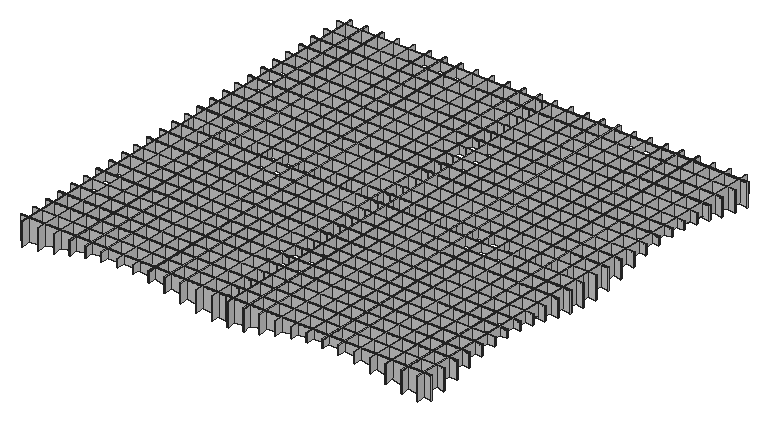
Revit family "CLD-WFL-002_RFA", category Modelos genéricos, Revit 2022 (continued)
Forms (in)
  Extrusion 383, solid
    sketch origin (108, 145.14578, 0) x (1, 0, 0) y (0, 0, 1)
      loop
        spline (0, 6.40455) -> (0.32561, 6.42139) -> (0.65129, 6.43729) -> (0.97702, 6.45226) -> (1.3028, 6.46628) -> (1.62862, 6.47935) -> (1.95447, 6.49146) -> (2.28035, 6.50259) -> (2.60624, 6.51274) -> (2.93213, 6.52189) -> (3.25803, 6.53005) -> (3.58391, 6.5372) -> (3.90978, 6.54334)
        spline (3.90978, 6.54334) -> (4.64427, 6.55011) -> (5.37852, 6.55208) -> (6.11244, 6.54917) -> (6.84598, 6.5413) -> (7.57905, 6.52839) -> (8.31157, 6.51035) -> (9.04349, 6.4871) -> (9.77471, 6.45856) -> (10.50517, 6.42465) -> (11.23479, 6.38528) -> (11.9635, 6.34038) -> (12.69122, 6.28985)
        spline (12.69122, 6.28985) -> (13.34952, 6.23514) -> (14.00673, 6.17505) -> (14.66285, 6.10968) -> (15.31792, 6.03926) -> (15.97202, 5.96405) -> (16.62518, 5.88427) -> (17.27747, 5.80017) -> (17.92894, 5.712) -> (18.57965, 5.62) -> (19.22966, 5.52441) -> (19.87902, 5.42547) -> (20.52778, 5.32343)
        spline (20.52778, 5.32343) -> (21.26115, 5.20293) -> (21.99402, 5.07965) -> (22.72645, 4.95385) -> (23.4585, 4.82583) -> (24.19025, 4.69586) -> (24.92176, 4.56423) -> (25.65308, 4.43121) -> (26.38429, 4.29709) -> (27.11544, 4.16214) -> (27.84661, 4.02665) -> (28.57785, 3.8909) -> (29.30922, 3.75516)
        spline (29.30922, 3.75516) -> (29.95995, 3.63466) -> (30.61094, 3.51485) -> (31.26223, 3.39599) -> (31.91387, 3.2783) -> (32.56591, 3.16206) -> (33.21841, 3.04749) -> (33.87141, 2.93486) -> (34.52497, 2.8244) -> (35.17914, 2.71637) -> (35.83396, 2.61101) -> (36.48949, 2.50857) -> (37.14578, 2.4093)
        spline (37.14578, 2.4093) -> (37.87194, 2.30632) -> (38.59907, 2.20751) -> (39.32723, 2.11315) -> (40.05647, 2.02349) -> (40.78684, 1.93878) -> (41.51831, 1.85902) -> (42.25083, 1.78415) -> (42.98434, 1.71406) -> (43.71879, 1.64869) -> (44.45413, 1.58794) -> (45.19029, 1.53174) -> (45.92722, 1.47999)
        spline (45.92722, 1.47999) -> (46.57816, 1.44092) -> (47.22964, 1.40553) -> (47.88162, 1.37376) -> (48.53404, 1.34552) -> (49.18687, 1.32076) -> (49.84004, 1.2994) -> (50.49352, 1.28136) -> (51.14725, 1.26658) -> (51.80119, 1.25497) -> (52.45529, 1.24648) -> (53.1095, 1.24101) -> (53.76378, 1.23852)
        spline (53.76378, 1.23852) -> (54.49695, 1.24145) -> (55.23005, 1.2477) -> (55.96302, 1.25736) -> (56.69581, 1.2705) -> (57.42836, 1.2872) -> (58.16063, 1.30755) -> (58.89256, 1.33163) -> (59.62409, 1.35951) -> (60.35518, 1.39128) -> (61.08577, 1.42702) -> (61.8158, 1.46681) -> (62.54522, 1.51073)
        spline (62.54522, 1.51073) -> (63.20286, 1.5569) -> (63.85981, 1.60706) -> (64.51602, 1.66127) -> (65.17144, 1.7196) -> (65.82603, 1.78214) -> (66.47973, 1.84896) -> (67.1325, 1.92013) -> (67.78428, 1.99572) -> (68.43505, 2.07573) -> (69.08486, 2.15994) -> (69.73376, 2.24811) -> (70.38178, 2.34001)
        spline (70.38178, 2.34001) -> (71.11719, 2.45082) -> (71.85175, 2.56518) -> (72.58552, 2.6828) -> (73.31856, 2.80343) -> (74.05092, 2.92677) -> (74.78266, 3.05256) -> (75.51384, 3.1805) -> (76.2445, 3.31033) -> (76.97472, 3.44177) -> (77.70454, 3.57454) -> (78.43402, 3.70836) -> (79.16322, 3.84296)
        spline (79.16322, 3.84296) -> (79.81589, 3.96449) -> (80.46845, 4.08604) -> (81.12094, 4.20735) -> (81.77342, 4.32817) -> (82.42595, 4.44826) -> (83.07858, 4.56736) -> (83.73137, 4.68523) -> (84.38439, 4.80161) -> (85.03768, 4.91625) -> (85.6913, 5.02891) -> (86.34531, 5.13933) -> (86.99978, 5.24726)
        spline (86.99978, 5.24726) -> (87.72678, 5.36123) -> (88.45444, 5.47173) -> (89.18283, 5.57848) -> (89.91201, 5.68121) -> (90.64203, 5.77964) -> (91.37298, 5.87351) -> (92.10489, 5.96254) -> (92.83785, 6.04646) -> (93.5719, 6.125) -> (94.30712, 6.19789) -> (95.04356, 6.26486) -> (95.78122, 6.32579)
        spline (95.78122, 6.32579) -> (96.46987, 6.37175) -> (97.15943, 6.41238) -> (97.84985, 6.44778) -> (98.54104, 6.47801) -> (99.23294, 6.50316) -> (99.92548, 6.5233) -> (100.61859, 6.53851) -> (101.3122, 6.54886) -> (102.00624, 6.55445) -> (102.70063, 6.55534) -> (103.39532, 6.55161) -> (104.09022, 6.54334)
        spline (104.09022, 6.54334) -> (104.41609, 6.5372) -> (104.74197, 6.53005) -> (105.06787, 6.52189) -> (105.39376, 6.51274) -> (105.71965, 6.50259) -> (106.04553, 6.49146) -> (106.37138, 6.47935) -> (106.6972, 6.46628) -> (107.02298, 6.45226) -> (107.34871, 6.43729) -> (107.67439, 6.42139) -> (108, 6.40455)
        line (108, 6.40455) -> (108, 11.82144)
    from -0.47244 to 0
  Extrusion 384, solid
    sketch origin (108, 153.33667, 0) x (1, 0, 0) y (0, 0, 1)
      loop
        line (108, 11.82144) -> (0, 11.82144) -> (0, 7.49745)
        spline (0, 7.49745) -> (0.32561, 7.50061) -> (0.65129, 7.5028) -> (0.97702, 7.504) -> (1.3028, 7.50421) -> (1.62862, 7.5034) -> (1.95447, 7.50158) -> (2.28035, 7.49874) -> (2.60624, 7.49485) -> (2.93213, 7.48991) -> (3.25803, 7.48392) -> (3.58391, 7.47685) -> (3.90978, 7.46871)
        spline (3.90978, 7.46871) -> (4.64427, 7.44283) -> (5.37852, 7.41184) -> (6.11245, 7.37564) -> (6.84598, 7.33415) -> (7.57905, 7.28726) -> (8.31158, 7.23488) -> (9.04349, 7.17692) -> (9.77471, 7.11327) -> (10.50517, 7.04386) -> (11.23479, 6.96857) -> (11.9635, 6.88732) -> (12.69122, 6.80001)
        spline (12.69122, 6.80001) -> (13.34456, 6.71191) -> (13.99682, 6.61804) -> (14.64799, 6.5185) -> (15.29813, 6.41358) -> (15.94729, 6.30354) -> (16.59553, 6.18867) -> (17.2429, 6.06925) -> (17.88946, 5.94556) -> (18.53527, 5.81787) -> (19.18038, 5.68647) -> (19.82484, 5.55162) -> (20.46871, 5.41362)
        spline (20.46871, 5.41362) -> (21.20701, 5.25043) -> (21.94481, 5.08446) -> (22.68216, 4.91603) -> (23.41914, 4.74548) -> (24.15581, 4.57314) -> (24.89224, 4.39932) -> (25.62848, 4.22436) -> (26.36461, 4.04857) -> (27.10068, 3.8723) -> (27.83677, 3.69586) -> (28.57293, 3.51959) -> (29.30922, 3.3438)
        spline (29.30922, 3.3438) -> (29.95995, 3.18922) -> (30.61094, 3.03586) -> (31.26223, 2.884) -> (31.91387, 2.73392) -> (32.56591, 2.58591) -> (33.21841, 2.44027) -> (33.87141, 2.29726) -> (34.52497, 2.15719) -> (35.17914, 2.02034) -> (35.83396, 1.88699) -> (36.48949, 1.75744) -> (37.14578, 1.63196)
        spline (37.14578, 1.63196) -> (37.87194, 1.50186) -> (38.59907, 1.37703) -> (39.32723, 1.25779) -> (40.05647, 1.14445) -> (40.78684, 1.03728) -> (41.51831, 0.93629) -> (42.25083, 0.84139) -> (42.98434, 0.75249) -> (43.71879, 0.66948) -> (44.45413, 0.59228) -> (45.19029, 0.52078) -> (45.92722, 0.45488)
        spline (45.92722, 0.45488) -> (46.57816, 0.40504) -> (47.22964, 0.35985) -> (47.88162, 0.31924) -> (48.53404, 0.28312) -> (49.18687, 0.2514) -> (49.84004, 0.224) -> (50.49352, 0.20084) -> (51.14725, 0.18183) -> (51.80119, 0.1669) -> (52.45529, 0.15595) -> (53.1095, 0.14891) -> (53.76378, 0.14568)
        spline (53.76378, 0.14568) -> (54.49695, 0.14945) -> (55.23005, 0.1575) -> (55.96302, 0.16993) -> (56.69581, 0.18682) -> (57.42837, 0.20828) -> (58.16064, 0.23439) -> (58.89257, 0.26525) -> (59.6241, 0.30095) -> (60.35518, 0.34158) -> (61.08577, 0.38725) -> (61.8158, 0.43804) -> (62.54522, 0.49405)
        spline (62.54522, 0.49405) -> (63.20286, 0.55285) -> (63.85981, 0.61666) -> (64.51602, 0.68555) -> (65.17144, 0.75961) -> (65.82603, 0.83894) -> (66.47973, 0.92362) -> (67.1325, 1.01374) -> (67.78428, 1.10938) -> (68.43505, 1.21052) -> (69.08486, 1.31692) -> (69.73376, 1.42831) -> (70.38178, 1.54441)
        spline (70.38178, 1.54441) -> (71.11719, 1.68452) -> (71.85174, 1.82919) -> (72.58551, 1.97812) -> (73.31855, 2.13097) -> (74.05091, 2.28743) -> (74.78265, 2.44718) -> (75.51383, 2.60988) -> (76.24449, 2.77524) -> (76.97471, 2.94291) -> (77.70453, 3.11258) -> (78.43402, 3.28394) -> (79.16322, 3.45665)
        spline (79.16322, 3.45665) -> (79.81589, 3.61318) -> (80.46845, 3.77015) -> (81.12094, 3.92726) -> (81.77342, 4.08422) -> (82.42595, 4.24075) -> (83.07858, 4.39655) -> (83.73137, 4.55134) -> (84.38439, 4.70482) -> (85.03768, 4.85671) -> (85.6913, 5.00672) -> (86.34531, 5.15455) -> (86.99978, 5.29992)
        spline (86.99978, 5.29992) -> (87.72678, 5.4553) -> (88.45445, 5.60712) -> (89.18284, 5.75506) -> (89.91202, 5.8988) -> (90.64204, 6.03803) -> (91.37299, 6.17243) -> (92.1049, 6.3017) -> (92.83786, 6.42551) -> (93.57191, 6.54354) -> (94.30712, 6.6555) -> (95.04356, 6.76106) -> (95.78122, 6.8601)
        spline (95.78122, 6.8601) -> (96.43065, 6.93786) -> (97.08095, 7.01021) -> (97.73207, 7.07724) -> (98.38393, 7.13903) -> (99.03648, 7.19567) -> (99.68963, 7.24723) -> (100.34334, 7.29382) -> (100.99753, 7.33551) -> (101.65213, 7.37238) -> (102.30709, 7.40452) -> (102.96233, 7.43202) -> (103.61778, 7.45496)
        spline (103.61778, 7.45496) -> (103.98301, 7.46494) -> (104.34826, 7.47372) -> (104.71353, 7.4813) -> (105.0788, 7.48768) -> (105.44406, 7.4929) -> (105.80931, 7.49695) -> (106.17454, 7.49984) -> (106.53973, 7.5016) -> (106.90488, 7.50223) -> (107.26998, 7.50173) -> (107.63503, 7.50014) -> (108, 7.49745)
        line (108, 7.49745) -> (108, 11.82144)
    from -0.11811 to 0
  Extrusion 385, solid
    sketch origin (108, 153.45478, 0) x (1, 0, 0) y (0, 0, 1)
      loop
        line (108, 11.82144) -> (0, 11.82144) -> (0, 7.49745)
        spline (0, 7.49745) -> (0.32561, 7.50061) -> (0.65129, 7.5028) -> (0.97702, 7.504) -> (1.3028, 7.50421) -> (1.62862, 7.5034) -> (1.95447, 7.50158) -> (2.28035, 7.49874) -> (2.60624, 7.49485) -> (2.93213, 7.48991) -> (3.25803, 7.48392) -> (3.58391, 7.47685) -> (3.90978, 7.46871)
        spline (3.90978, 7.46871) -> (4.64427, 7.44283) -> (5.37852, 7.41184) -> (6.11245, 7.37564) -> (6.84598, 7.33415) -> (7.57905, 7.28726) -> (8.31158, 7.23488) -> (9.04349, 7.17692) -> (9.77471, 7.11327) -> (10.50517, 7.04386) -> (11.23479, 6.96857) -> (11.9635, 6.88732) -> (12.69122, 6.80001)
        spline (12.69122, 6.80001) -> (13.34456, 6.71191) -> (13.99682, 6.61804) -> (14.64799, 6.5185) -> (15.29813, 6.41358) -> (15.94729, 6.30354) -> (16.59553, 6.18867) -> (17.2429, 6.06925) -> (17.88946, 5.94556) -> (18.53527, 5.81787) -> (19.18038, 5.68647) -> (19.82484, 5.55162) -> (20.46871, 5.41362)
        spline (20.46871, 5.41362) -> (21.20701, 5.25043) -> (21.94481, 5.08446) -> (22.68216, 4.91603) -> (23.41914, 4.74548) -> (24.15581, 4.57314) -> (24.89224, 4.39932) -> (25.62848, 4.22436) -> (26.36461, 4.04857) -> (27.10068, 3.8723) -> (27.83677, 3.69586) -> (28.57293, 3.51959) -> (29.30922, 3.3438)
        spline (29.30922, 3.3438) -> (29.95995, 3.18922) -> (30.61094, 3.03586) -> (31.26223, 2.884) -> (31.91387, 2.73392) -> (32.56591, 2.58591) -> (33.21841, 2.44027) -> (33.87141, 2.29726) -> (34.52497, 2.15719) -> (35.17914, 2.02034) -> (35.83396, 1.88699) -> (36.48949, 1.75744) -> (37.14578, 1.63196)
        spline (37.14578, 1.63196) -> (37.87194, 1.50186) -> (38.59907, 1.37703) -> (39.32723, 1.25779) -> (40.05647, 1.14445) -> (40.78684, 1.03728) -> (41.51831, 0.93629) -> (42.25083, 0.84139) -> (42.98434, 0.75249) -> (43.71879, 0.66948) -> (44.45413, 0.59228) -> (45.19029, 0.52078) -> (45.92722, 0.45488)
        spline (45.92722, 0.45488) -> (46.57816, 0.40504) -> (47.22964, 0.35985) -> (47.88162, 0.31924) -> (48.53404, 0.28312) -> (49.18687, 0.2514) -> (49.84004, 0.224) -> (50.49352, 0.20084) -> (51.14725, 0.18183) -> (51.80119, 0.1669) -> (52.45529, 0.15595) -> (53.1095, 0.14891) -> (53.76378, 0.14568)
        spline (53.76378, 0.14568) -> (54.49695, 0.14945) -> (55.23005, 0.1575) -> (55.96302, 0.16993) -> (56.69581, 0.18682) -> (57.42837, 0.20828) -> (58.16064, 0.23439) -> (58.89257, 0.26525) -> (59.6241, 0.30095) -> (60.35518, 0.34158) -> (61.08577, 0.38725) -> (61.8158, 0.43804) -> (62.54522, 0.49405)
        spline (62.54522, 0.49405) -> (63.20286, 0.55285) -> (63.85981, 0.61666) -> (64.51602, 0.68555) -> (65.17144, 0.75961) -> (65.82603, 0.83894) -> (66.47973, 0.92362) -> (67.1325, 1.01374) -> (67.78428, 1.10938) -> (68.43505, 1.21052) -> (69.08486, 1.31692) -> (69.73376, 1.42831) -> (70.38178, 1.54441)
        spline (70.38178, 1.54441) -> (71.11719, 1.68452) -> (71.85174, 1.82919) -> (72.58551, 1.97812) -> (73.31855, 2.13097) -> (74.05091, 2.28743) -> (74.78265, 2.44718) -> (75.51383, 2.60988) -> (76.24449, 2.77524) -> (76.97471, 2.94291) -> (77.70453, 3.11258) -> (78.43402, 3.28394) -> (79.16322, 3.45665)
        spline (79.16322, 3.45665) -> (79.81589, 3.61318) -> (80.46845, 3.77015) -> (81.12094, 3.92726) -> (81.77342, 4.08422) -> (82.42595, 4.24075) -> (83.07858, 4.39655) -> (83.73137, 4.55134) -> (84.38439, 4.70482) -> (85.03768, 4.85671) -> (85.6913, 5.00672) -> (86.34531, 5.15455) -> (86.99978, 5.29992)
        spline (86.99978, 5.29992) -> (87.72678, 5.4553) -> (88.45445, 5.60712) -> (89.18284, 5.75506) -> (89.91202, 5.8988) -> (90.64204, 6.03803) -> (91.37299, 6.17243) -> (92.1049, 6.3017) -> (92.83786, 6.42551) -> (93.57191, 6.54354) -> (94.30712, 6.6555) -> (95.04356, 6.76106) -> (95.78122, 6.8601)
        spline (95.78122, 6.8601) -> (96.43065, 6.93786) -> (97.08095, 7.01021) -> (97.73207, 7.07724) -> (98.38393, 7.13903) -> (99.03648, 7.19567) -> (99.68963, 7.24723) -> (100.34334, 7.29382) -> (100.99753, 7.33551) -> (101.65213, 7.37238) -> (102.30709, 7.40452) -> (102.96233, 7.43202) -> (103.61778, 7.45496)
        spline (103.61778, 7.45496) -> (103.98301, 7.46494) -> (104.34826, 7.47372) -> (104.71353, 7.4813) -> (105.0788, 7.48768) -> (105.44406, 7.4929) -> (105.80931, 7.49695) -> (106.17454, 7.49984) -> (106.53973, 7.5016) -> (106.90488, 7.50223) -> (107.26998, 7.50173) -> (107.63503, 7.50014) -> (108, 7.49745)
        line (108, 7.49745) -> (108, 11.82144)
    from -0.47244 to 0
  Extrusion 386, solid
    sketch origin (108, 161.64567, 0) x (1, 0, 0) y (0, 0, 1)
      loop
        line (108, 11.82144) -> (0, 11.82144) -> (0, 7.82144)
        spline (0, 7.82144) -> (0.32561, 7.82095) -> (0.65129, 7.81946) -> (0.97702, 7.81696) -> (1.3028, 7.81344) -> (1.62862, 7.80889) -> (1.95447, 7.8033) -> (2.28035, 7.79666) -> (2.60624, 7.78896) -> (2.93213, 7.78018) -> (3.25803, 7.77032) -> (3.58391, 7.75937) -> (3.90978, 7.74731)
        spline (3.90978, 7.74731) -> (4.64427, 7.71242) -> (5.37852, 7.6723) -> (6.11245, 7.62684) -> (6.84598, 7.57595) -> (7.57905, 7.51952) -> (8.31158, 7.45747) -> (9.04349, 7.38968) -> (9.77471, 7.31607) -> (10.50517, 7.23653) -> (11.23479, 7.15095) -> (11.9635, 7.05926) -> (12.69122, 6.96133)
        spline (12.69122, 6.96133) -> (13.34952, 6.86267) -> (14.00673, 6.75803) -> (14.66285, 6.64752) -> (15.31792, 6.53144) -> (15.97202, 6.41007) -> (16.62518, 6.28371) -> (17.27747, 6.15266) -> (17.92894, 6.0172) -> (18.57965, 5.87763) -> (19.22966, 5.73424) -> (19.87902, 5.58733) -> (20.52778, 5.43719)
        spline (20.52778, 5.43719) -> (21.26115, 5.26223) -> (21.99402, 5.08449) -> (22.72645, 4.90432) -> (23.4585, 4.72204) -> (24.19025, 4.53802) -> (24.92176, 4.35257) -> (25.65308, 4.16604) -> (26.38429, 3.97878) -> (27.11545, 3.79111) -> (27.84661, 3.60337) -> (28.57785, 3.41592) -> (29.30922, 3.22908)
        spline (29.30922, 3.22908) -> (29.95995, 3.06408) -> (30.61094, 2.90045) -> (31.26223, 2.73848) -> (31.91387, 2.57847) -> (32.56591, 2.42072) -> (33.21841, 2.26553) -> (33.87141, 2.1132) -> (34.52497, 1.96402) -> (35.17914, 1.81831) -> (35.83396, 1.67635) -> (36.48949, 1.53845) -> (37.14578, 1.4049)
        spline (37.14578, 1.4049) -> (37.87194, 1.26645) -> (38.59907, 1.13361) -> (39.32723, 1.00672) -> (40.05647, 0.88609) -> (40.78684, 0.772) -> (41.51831, 0.66448) -> (42.25083, 0.56343) -> (42.98434, 0.46874) -> (43.71879, 0.38032) -> (44.45413, 0.29806) -> (45.19029, 0.22187) -> (45.92722, 0.15163)
        spline (45.92722, 0.15163) -> (46.57816, 0.09849) -> (47.22964, 0.0503) -> (47.88162, 0.00698) -> (48.53404, -0.03156) -> (49.18687, -0.06541) -> (49.84004, -0.09465) -> (50.49352, -0.11938) -> (51.14725, -0.13967) -> (51.80119, -0.15563) -> (52.45529, -0.16732) -> (53.1095, -0.17485) -> (53.76378, -0.1783)
        spline (53.76378, -0.1783) -> (54.49695, -0.17427) -> (55.23005, -0.16567) -> (55.96302, -0.1524) -> (56.69581, -0.13436) -> (57.42837, -0.11145) -> (58.16064, -0.08358) -> (58.89257, -0.05065) -> (59.6241, -0.01255) -> (60.35519, 0.0308) -> (61.08577, 0.07951) -> (61.8158, 0.13367) -> (62.54522, 0.19339)
        spline (62.54522, 0.19339) -> (63.20286, 0.25606) -> (63.85981, 0.32405) -> (64.51602, 0.39745) -> (65.17144, 0.47635) -> (65.82603, 0.56084) -> (66.47973, 0.65101) -> (67.1325, 0.74696) -> (67.78428, 0.84876) -> (68.43505, 0.95641) -> (69.08486, 1.06964) -> (69.73376, 1.18818) -> (70.38178, 1.31173)
        spline (70.38178, 1.31173) -> (71.11718, 1.46086) -> (71.85174, 1.61486) -> (72.58551, 1.77342) -> (73.31855, 1.93618) -> (74.05091, 2.10281) -> (74.78265, 2.27299) -> (75.51382, 2.44637) -> (76.24449, 2.62262) -> (76.97471, 2.8014) -> (77.70453, 2.98238) -> (78.43402, 3.16522) -> (79.16322, 3.34958)
        spline (79.16322, 3.34958) -> (79.81589, 3.5168) -> (80.46845, 3.68457) -> (81.12094, 3.85259) -> (81.77342, 4.02055) -> (82.42595, 4.18815) -> (83.07858, 4.35509) -> (83.73137, 4.52107) -> (84.38439, 4.68578) -> (85.03768, 4.84892) -> (85.6913, 5.01019) -> (86.34531, 5.16929) -> (86.99978, 5.32592)
        spline (86.99978, 5.32592) -> (87.72678, 5.49371) -> (88.45445, 5.65788) -> (89.18284, 5.8181) -> (89.91202, 5.97405) -> (90.64205, 6.12539) -> (91.37299, 6.27179) -> (92.10491, 6.41294) -> (92.83786, 6.54849) -> (93.57191, 6.67812) -> (94.30713, 6.8015) -> (95.04356, 6.9183) -> (95.78122, 7.02841)
        spline (95.78122, 7.02841) -> (96.43065, 7.11563) -> (97.08095, 7.1973) -> (97.73207, 7.2735) -> (98.38393, 7.34432) -> (99.03648, 7.40985) -> (99.68963, 7.47018) -> (100.34334, 7.52539) -> (100.99753, 7.57558) -> (101.65213, 7.62083) -> (102.30709, 7.66123) -> (102.96233, 7.69687) -> (103.61778, 7.72784)
        spline (103.61778, 7.72784) -> (103.98301, 7.74223) -> (104.34826, 7.75539) -> (104.71352, 7.76731) -> (105.07879, 7.77803) -> (105.44406, 7.78753) -> (105.80931, 7.79585) -> (106.17453, 7.80299) -> (106.53973, 7.80897) -> (106.90488, 7.81379) -> (107.26998, 7.81746) -> (107.63503, 7.82001) -> (108, 7.82144)
        line (108, 7.82144) -> (108, 11.82144)
    from -0.11811 to 0
  Extrusion 387, solid
    sketch origin (108, 161.76378, 0) x (1, 0, 0) y (0, 0, 1)
      loop
        line (108, 11.82144) -> (0, 11.82144) -> (0, 7.82144)
        spline (0, 7.82144) -> (0.32561, 7.82095) -> (0.65129, 7.81946) -> (0.97702, 7.81696) -> (1.3028, 7.81344) -> (1.62862, 7.80889) -> (1.95447, 7.8033) -> (2.28035, 7.79666) -> (2.60624, 7.78896) -> (2.93213, 7.78018) -> (3.25803, 7.77032) -> (3.58391, 7.75937) -> (3.90978, 7.74731)
        spline (3.90978, 7.74731) -> (4.64427, 7.71242) -> (5.37852, 7.6723) -> (6.11245, 7.62684) -> (6.84598, 7.57595) -> (7.57905, 7.51952) -> (8.31158, 7.45747) -> (9.04349, 7.38968) -> (9.77471, 7.31607) -> (10.50517, 7.23653) -> (11.23479, 7.15095) -> (11.9635, 7.05926) -> (12.69122, 6.96133)
        spline (12.69122, 6.96133) -> (13.34952, 6.86267) -> (14.00673, 6.75803) -> (14.66285, 6.64752) -> (15.31792, 6.53144) -> (15.97202, 6.41007) -> (16.62518, 6.28371) -> (17.27747, 6.15266) -> (17.92894, 6.0172) -> (18.57965, 5.87763) -> (19.22966, 5.73424) -> (19.87902, 5.58733) -> (20.52778, 5.43719)
        spline (20.52778, 5.43719) -> (21.26115, 5.26223) -> (21.99402, 5.08449) -> (22.72645, 4.90432) -> (23.4585, 4.72204) -> (24.19025, 4.53802) -> (24.92176, 4.35257) -> (25.65308, 4.16604) -> (26.38429, 3.97878) -> (27.11545, 3.79111) -> (27.84661, 3.60337) -> (28.57785, 3.41592) -> (29.30922, 3.22908)
        spline (29.30922, 3.22908) -> (29.95995, 3.06408) -> (30.61094, 2.90045) -> (31.26223, 2.73848) -> (31.91387, 2.57847) -> (32.56591, 2.42072) -> (33.21841, 2.26553) -> (33.87141, 2.1132) -> (34.52497, 1.96402) -> (35.17914, 1.81831) -> (35.83396, 1.67635) -> (36.48949, 1.53845) -> (37.14578, 1.4049)
        spline (37.14578, 1.4049) -> (37.87194, 1.26645) -> (38.59907, 1.13361) -> (39.32723, 1.00672) -> (40.05647, 0.88609) -> (40.78684, 0.772) -> (41.51831, 0.66448) -> (42.25083, 0.56343) -> (42.98434, 0.46874) -> (43.71879, 0.38032) -> (44.45413, 0.29806) -> (45.19029, 0.22187) -> (45.92722, 0.15163)
        spline (45.92722, 0.15163) -> (46.57816, 0.09849) -> (47.22964, 0.0503) -> (47.88162, 0.00698) -> (48.53404, -0.03156) -> (49.18687, -0.06541) -> (49.84004, -0.09465) -> (50.49352, -0.11938) -> (51.14725, -0.13967) -> (51.80119, -0.15563) -> (52.45529, -0.16732) -> (53.1095, -0.17485) -> (53.76378, -0.1783)
        spline (53.76378, -0.1783) -> (54.49695, -0.17427) -> (55.23005, -0.16567) -> (55.96302, -0.1524) -> (56.69581, -0.13436) -> (57.42837, -0.11145) -> (58.16064, -0.08358) -> (58.89257, -0.05065) -> (59.6241, -0.01255) -> (60.35519, 0.0308) -> (61.08577, 0.07951) -> (61.8158, 0.13367) -> (62.54522, 0.19339)
        spline (62.54522, 0.19339) -> (63.20286, 0.25606) -> (63.85981, 0.32405) -> (64.51602, 0.39745) -> (65.17144, 0.47635) -> (65.82603, 0.56084) -> (66.47973, 0.65101) -> (67.1325, 0.74696) -> (67.78428, 0.84876) -> (68.43505, 0.95641) -> (69.08486, 1.06964) -> (69.73376, 1.18818) -> (70.38178, 1.31173)
        spline (70.38178, 1.31173) -> (71.11718, 1.46086) -> (71.85174, 1.61486) -> (72.58551, 1.77342) -> (73.31855, 1.93618) -> (74.05091, 2.10281) -> (74.78265, 2.27299) -> (75.51382, 2.44637) -> (76.24449, 2.62262) -> (76.97471, 2.8014) -> (77.70453, 2.98238) -> (78.43402, 3.16522) -> (79.16322, 3.34958)
        spline (79.16322, 3.34958) -> (79.81589, 3.5168) -> (80.46845, 3.68457) -> (81.12094, 3.85259) -> (81.77342, 4.02055) -> (82.42595, 4.18815) -> (83.07858, 4.35509) -> (83.73137, 4.52107) -> (84.38439, 4.68578) -> (85.03768, 4.84892) -> (85.6913, 5.01019) -> (86.34531, 5.16929) -> (86.99978, 5.32592)
        spline (86.99978, 5.32592) -> (87.72678, 5.49371) -> (88.45445, 5.65788) -> (89.18284, 5.8181) -> (89.91202, 5.97405) -> (90.64205, 6.12539) -> (91.37299, 6.27179) -> (92.10491, 6.41294) -> (92.83786, 6.54849) -> (93.57191, 6.67812) -> (94.30713, 6.8015) -> (95.04356, 6.9183) -> (95.78122, 7.02841)
        spline (95.78122, 7.02841) -> (96.43065, 7.11563) -> (97.08095, 7.1973) -> (97.73207, 7.2735) -> (98.38393, 7.34432) -> (99.03648, 7.40985) -> (99.68963, 7.47018) -> (100.34334, 7.52539) -> (100.99753, 7.57558) -> (101.65213, 7.62083) -> (102.30709, 7.66123) -> (102.96233, 7.69687) -> (103.61778, 7.72784)
        spline (103.61778, 7.72784) -> (103.98301, 7.74223) -> (104.34826, 7.75539) -> (104.71352, 7.76731) -> (105.07879, 7.77803) -> (105.44406, 7.78753) -> (105.80931, 7.79585) -> (106.17453, 7.80299) -> (106.53973, 7.80897) -> (106.90488, 7.81379) -> (107.26998, 7.81746) -> (107.63503, 7.82001) -> (108, 7.82144)
        line (108, 7.82144) -> (108, 11.82144)
    from -0.47244 to 0
  Extrusion 388, solid
    sketch origin (108, 162.23622, 0) x (1, 0, 0) y (0, 0, 1)
      loop
        line (108, 11.82144) -> (0, 11.82144) -> (0, 7.82144)
        spline (0, 7.82144) -> (0.32561, 7.82095) -> (0.65129, 7.81946) -> (0.97702, 7.81696) -> (1.3028, 7.81344) -> (1.62862, 7.80889) -> (1.95447, 7.8033) -> (2.28035, 7.79666) -> (2.60624, 7.78896) -> (2.93213, 7.78018) -> (3.25803, 7.77032) -> (3.58391, 7.75937) -> (3.90978, 7.74731)
        spline (3.90978, 7.74731) -> (4.64427, 7.71242) -> (5.37852, 7.6723) -> (6.11245, 7.62684) -> (6.84598, 7.57595) -> (7.57905, 7.51952) -> (8.31158, 7.45747) -> (9.04349, 7.38968) -> (9.77471, 7.31607) -> (10.50517, 7.23653) -> (11.23479, 7.15095) -> (11.9635, 7.05926) -> (12.69122, 6.96133)
        spline (12.69122, 6.96133) -> (13.34952, 6.86267) -> (14.00673, 6.75803) -> (14.66285, 6.64752) -> (15.31792, 6.53144) -> (15.97202, 6.41007) -> (16.62518, 6.28371) -> (17.27747, 6.15266) -> (17.92894, 6.0172) -> (18.57965, 5.87763) -> (19.22966, 5.73424) -> (19.87902, 5.58733) -> (20.52778, 5.43719)
        spline (20.52778, 5.43719) -> (21.26115, 5.26223) -> (21.99402, 5.08449) -> (22.72645, 4.90432) -> (23.4585, 4.72204) -> (24.19025, 4.53802) -> (24.92176, 4.35257) -> (25.65308, 4.16604) -> (26.38429, 3.97878) -> (27.11545, 3.79111) -> (27.84661, 3.60337) -> (28.57785, 3.41592) -> (29.30922, 3.22908)
        spline (29.30922, 3.22908) -> (29.95995, 3.06408) -> (30.61094, 2.90045) -> (31.26223, 2.73848) -> (31.91387, 2.57847) -> (32.56591, 2.42072) -> (33.21841, 2.26553) -> (33.87141, 2.1132) -> (34.52497, 1.96402) -> (35.17914, 1.81831) -> (35.83396, 1.67635) -> (36.48949, 1.53845) -> (37.14578, 1.4049)
        spline (37.14578, 1.4049) -> (37.87194, 1.26645) -> (38.59907, 1.13361) -> (39.32723, 1.00672) -> (40.05647, 0.88609) -> (40.78684, 0.772) -> (41.51831, 0.66448) -> (42.25083, 0.56343) -> (42.98434, 0.46874) -> (43.71879, 0.38032) -> (44.45413, 0.29806) -> (45.19029, 0.22187) -> (45.92722, 0.15163)
        spline (45.92722, 0.15163) -> (46.57816, 0.09849) -> (47.22964, 0.0503) -> (47.88162, 0.00698) -> (48.53404, -0.03156) -> (49.18687, -0.06541) -> (49.84004, -0.09465) -> (50.49352, -0.11938) -> (51.14725, -0.13967) -> (51.80119, -0.15563) -> (52.45529, -0.16732) -> (53.1095, -0.17485) -> (53.76378, -0.1783)
        spline (53.76378, -0.1783) -> (54.49695, -0.17427) -> (55.23005, -0.16567) -> (55.96302, -0.1524) -> (56.69581, -0.13436) -> (57.42837, -0.11145) -> (58.16064, -0.08358) -> (58.89257, -0.05065) -> (59.6241, -0.01255) -> (60.35519, 0.0308) -> (61.08577, 0.07951) -> (61.8158, 0.13367) -> (62.54522, 0.19339)
        spline (62.54522, 0.19339) -> (63.20286, 0.25606) -> (63.85981, 0.32405) -> (64.51602, 0.39745) -> (65.17144, 0.47635) -> (65.82603, 0.56084) -> (66.47973, 0.65101) -> (67.1325, 0.74696) -> (67.78428, 0.84876) -> (68.43505, 0.95641) -> (69.08486, 1.06964) -> (69.73376, 1.18818) -> (70.38178, 1.31173)
        spline (70.38178, 1.31173) -> (71.11718, 1.46086) -> (71.85174, 1.61486) -> (72.58551, 1.77342) -> (73.31855, 1.93618) -> (74.05091, 2.10281) -> (74.78265, 2.27299) -> (75.51382, 2.44637) -> (76.24449, 2.62262) -> (76.97471, 2.8014) -> (77.70453, 2.98238) -> (78.43402, 3.16522) -> (79.16322, 3.34958)
        spline (79.16322, 3.34958) -> (79.81589, 3.5168) -> (80.46845, 3.68457) -> (81.12094, 3.85259) -> (81.77342, 4.02055) -> (82.42595, 4.18815) -> (83.07858, 4.35509) -> (83.73137, 4.52107) -> (84.38439, 4.68578) -> (85.03768, 4.84892) -> (85.6913, 5.01019) -> (86.34531, 5.16929) -> (86.99978, 5.32592)
        spline (86.99978, 5.32592) -> (87.72678, 5.49371) -> (88.45445, 5.65788) -> (89.18284, 5.8181) -> (89.91202, 5.97405) -> (90.64205, 6.12539) -> (91.37299, 6.27179) -> (92.10491, 6.41294) -> (92.83786, 6.54849) -> (93.57191, 6.67812) -> (94.30713, 6.8015) -> (95.04356, 6.9183) -> (95.78122, 7.02841)
        spline (95.78122, 7.02841) -> (96.43065, 7.11563) -> (97.08095, 7.1973) -> (97.73207, 7.2735) -> (98.38393, 7.34432) -> (99.03648, 7.40985) -> (99.68963, 7.47018) -> (100.34334, 7.52539) -> (100.99753, 7.57558) -> (101.65213, 7.62083) -> (102.30709, 7.66123) -> (102.96233, 7.69687) -> (103.61778, 7.72784)
        spline (103.61778, 7.72784) -> (103.98301, 7.74223) -> (104.34826, 7.75539) -> (104.71352, 7.76731) -> (105.07879, 7.77803) -> (105.44406, 7.78753) -> (105.80931, 7.79585) -> (106.17453, 7.80299) -> (106.53973, 7.80897) -> (106.90488, 7.81379) -> (107.26998, 7.81746) -> (107.63503, 7.82001) -> (108, 7.82144)
        line (108, 7.82144) -> (108, 11.82144)
    from -0.11811 to 0
  Extrusion 389, solid
    sketch origin (108, 153.92722, 0) x (1, 0, 0) y (0, 0, 1)
      loop
        line (108, 11.82144) -> (0, 11.82144) -> (0, 7.49745)
        spline (0, 7.49745) -> (0.32561, 7.50061) -> (0.65129, 7.5028) -> (0.97702, 7.504) -> (1.3028, 7.50421) -> (1.62862, 7.5034) -> (1.95447, 7.50158) -> (2.28035, 7.49874) -> (2.60624, 7.49485) -> (2.93213, 7.48991) -> (3.25803, 7.48392) -> (3.58391, 7.47685) -> (3.90978, 7.46871)
        spline (3.90978, 7.46871) -> (4.64427, 7.44283) -> (5.37852, 7.41184) -> (6.11245, 7.37564) -> (6.84598, 7.33415) -> (7.57905, 7.28726) -> (8.31158, 7.23488) -> (9.04349, 7.17692) -> (9.77471, 7.11327) -> (10.50517, 7.04386) -> (11.23479, 6.96857) -> (11.9635, 6.88732) -> (12.69122, 6.80001)
        spline (12.69122, 6.80001) -> (13.34456, 6.71191) -> (13.99682, 6.61804) -> (14.64799, 6.5185) -> (15.29813, 6.41358) -> (15.94729, 6.30354) -> (16.59553, 6.18867) -> (17.2429, 6.06925) -> (17.88946, 5.94556) -> (18.53527, 5.81787) -> (19.18038, 5.68647) -> (19.82484, 5.55162) -> (20.46871, 5.41362)
        spline (20.46871, 5.41362) -> (21.20701, 5.25043) -> (21.94481, 5.08446) -> (22.68216, 4.91603) -> (23.41914, 4.74548) -> (24.15581, 4.57314) -> (24.89224, 4.39932) -> (25.62848, 4.22436) -> (26.36461, 4.04857) -> (27.10068, 3.8723) -> (27.83677, 3.69586) -> (28.57293, 3.51959) -> (29.30922, 3.3438)
        spline (29.30922, 3.3438) -> (29.95995, 3.18922) -> (30.61094, 3.03586) -> (31.26223, 2.884) -> (31.91387, 2.73392) -> (32.56591, 2.58591) -> (33.21841, 2.44027) -> (33.87141, 2.29726) -> (34.52497, 2.15719) -> (35.17914, 2.02034) -> (35.83396, 1.88699) -> (36.48949, 1.75744) -> (37.14578, 1.63196)
        spline (37.14578, 1.63196) -> (37.87194, 1.50186) -> (38.59907, 1.37703) -> (39.32723, 1.25779) -> (40.05647, 1.14445) -> (40.78684, 1.03728) -> (41.51831, 0.93629) -> (42.25083, 0.84139) -> (42.98434, 0.75249) -> (43.71879, 0.66948) -> (44.45413, 0.59228) -> (45.19029, 0.52078) -> (45.92722, 0.45488)
        spline (45.92722, 0.45488) -> (46.57816, 0.40504) -> (47.22964, 0.35985) -> (47.88162, 0.31924) -> (48.53404, 0.28312) -> (49.18687, 0.2514) -> (49.84004, 0.224) -> (50.49352, 0.20084) -> (51.14725, 0.18183) -> (51.80119, 0.1669) -> (52.45529, 0.15595) -> (53.1095, 0.14891) -> (53.76378, 0.14568)
        spline (53.76378, 0.14568) -> (54.49695, 0.14945) -> (55.23005, 0.1575) -> (55.96302, 0.16993) -> (56.69581, 0.18682) -> (57.42837, 0.20828) -> (58.16064, 0.23439) -> (58.89257, 0.26525) -> (59.6241, 0.30095) -> (60.35518, 0.34158) -> (61.08577, 0.38725) -> (61.8158, 0.43804) -> (62.54522, 0.49405)
        spline (62.54522, 0.49405) -> (63.20286, 0.55285) -> (63.85981, 0.61666) -> (64.51602, 0.68555) -> (65.17144, 0.75961) -> (65.82603, 0.83894) -> (66.47973, 0.92362) -> (67.1325, 1.01374) -> (67.78428, 1.10938) -> (68.43505, 1.21052) -> (69.08486, 1.31692) -> (69.73376, 1.42831) -> (70.38178, 1.54441)
        spline (70.38178, 1.54441) -> (71.11719, 1.68452) -> (71.85174, 1.82919) -> (72.58551, 1.97812) -> (73.31855, 2.13097) -> (74.05091, 2.28743) -> (74.78265, 2.44718) -> (75.51383, 2.60988) -> (76.24449, 2.77524) -> (76.97471, 2.94291) -> (77.70453, 3.11258) -> (78.43402, 3.28394) -> (79.16322, 3.45665)
        spline (79.16322, 3.45665) -> (79.81589, 3.61318) -> (80.46845, 3.77015) -> (81.12094, 3.92726) -> (81.77342, 4.08422) -> (82.42595, 4.24075) -> (83.07858, 4.39655) -> (83.73137, 4.55134) -> (84.38439, 4.70482) -> (85.03768, 4.85671) -> (85.6913, 5.00672) -> (86.34531, 5.15455) -> (86.99978, 5.29992)
        spline (86.99978, 5.29992) -> (87.72678, 5.4553) -> (88.45445, 5.60712) -> (89.18284, 5.75506) -> (89.91202, 5.8988) -> (90.64204, 6.03803) -> (91.37299, 6.17243) -> (92.1049, 6.3017) -> (92.83786, 6.42551) -> (93.57191, 6.54354) -> (94.30712, 6.6555) -> (95.04356, 6.76106) -> (95.78122, 6.8601)
        spline (95.78122, 6.8601) -> (96.43065, 6.93786) -> (97.08095, 7.01021) -> (97.73207, 7.07724) -> (98.38393, 7.13903) -> (99.03648, 7.19567) -> (99.68963, 7.24723) -> (100.34334, 7.29382) -> (100.99753, 7.33551) -> (101.65213, 7.37238) -> (102.30709, 7.40452) -> (102.96233, 7.43202) -> (103.61778, 7.45496)
        spline (103.61778, 7.45496) -> (103.98301, 7.46494) -> (104.34826, 7.47372) -> (104.71353, 7.4813) -> (105.0788, 7.48768) -> (105.44406, 7.4929) -> (105.80931, 7.49695) -> (106.17454, 7.49984) -> (106.53973, 7.5016) -> (106.90488, 7.50223) -> (107.26998, 7.50173) -> (107.63503, 7.50014) -> (108, 7.49745)
        line (108, 7.49745) -> (108, 11.82144)
    from -0.11811 to 0
  Extrusion 390, solid
    sketch origin (108, 145.61822, 0) x (1, 0, 0) y (0, 0, 1)
      loop
        line (108, 11.82144) -> (0, 11.82144) -> (0, 6.40455)
        spline (0, 6.40455) -> (0.32561, 6.42139) -> (0.65129, 6.43729) -> (0.97702, 6.45226) -> (1.3028, 6.46628) -> (1.62862, 6.47935) -> (1.95447, 6.49146) -> (2.28035, 6.50259) -> (2.60624, 6.51274) -> (2.93213, 6.52189) -> (3.25803, 6.53005) -> (3.58391, 6.5372) -> (3.90978, 6.54334)
        spline (3.90978, 6.54334) -> (4.64427, 6.55011) -> (5.37852, 6.55208) -> (6.11244, 6.54917) -> (6.84598, 6.5413) -> (7.57905, 6.52839) -> (8.31157, 6.51035) -> (9.04349, 6.4871) -> (9.77471, 6.45856) -> (10.50517, 6.42465) -> (11.23479, 6.38528) -> (11.9635, 6.34038) -> (12.69122, 6.28985)
        spline (12.69122, 6.28985) -> (13.34952, 6.23514) -> (14.00673, 6.17505) -> (14.66285, 6.10968) -> (15.31792, 6.03926) -> (15.97202, 5.96405) -> (16.62518, 5.88427) -> (17.27747, 5.80017) -> (17.92894, 5.712) -> (18.57965, 5.62) -> (19.22966, 5.52441) -> (19.87902, 5.42547) -> (20.52778, 5.32343)
        spline (20.52778, 5.32343) -> (21.26115, 5.20293) -> (21.99402, 5.07965) -> (22.72645, 4.95385) -> (23.4585, 4.82583) -> (24.19025, 4.69586) -> (24.92176, 4.56423) -> (25.65308, 4.43121) -> (26.38429, 4.29709) -> (27.11544, 4.16214) -> (27.84661, 4.02665) -> (28.57785, 3.8909) -> (29.30922, 3.75516)
        spline (29.30922, 3.75516) -> (29.95995, 3.63466) -> (30.61094, 3.51485) -> (31.26223, 3.39599) -> (31.91387, 3.2783) -> (32.56591, 3.16206) -> (33.21841, 3.04749) -> (33.87141, 2.93486) -> (34.52497, 2.8244) -> (35.17914, 2.71637) -> (35.83396, 2.61101) -> (36.48949, 2.50857) -> (37.14578, 2.4093)
        spline (37.14578, 2.4093) -> (37.87194, 2.30632) -> (38.59907, 2.20751) -> (39.32723, 2.11315) -> (40.05647, 2.02349) -> (40.78684, 1.93878) -> (41.51831, 1.85902) -> (42.25083, 1.78415) -> (42.98434, 1.71406) -> (43.71879, 1.64869) -> (44.45413, 1.58794) -> (45.19029, 1.53174) -> (45.92722, 1.47999)
        spline (45.92722, 1.47999) -> (46.57816, 1.44092) -> (47.22964, 1.40553) -> (47.88162, 1.37376) -> (48.53404, 1.34552) -> (49.18687, 1.32076) -> (49.84004, 1.2994) -> (50.49352, 1.28136) -> (51.14725, 1.26658) -> (51.80119, 1.25497) -> (52.45529, 1.24648) -> (53.1095, 1.24101) -> (53.76378, 1.23852)
        spline (53.76378, 1.23852) -> (54.49695, 1.24145) -> (55.23005, 1.2477) -> (55.96302, 1.25736) -> (56.69581, 1.2705) -> (57.42836, 1.2872) -> (58.16063, 1.30755) -> (58.89256, 1.33163) -> (59.62409, 1.35951) -> (60.35518, 1.39128) -> (61.08577, 1.42702) -> (61.8158, 1.46681) -> (62.54522, 1.51073)
        spline (62.54522, 1.51073) -> (63.20286, 1.5569) -> (63.85981, 1.60706) -> (64.51602, 1.66127) -> (65.17144, 1.7196) -> (65.82603, 1.78214) -> (66.47973, 1.84896) -> (67.1325, 1.92013) -> (67.78428, 1.99572) -> (68.43505, 2.07573) -> (69.08486, 2.15994) -> (69.73376, 2.24811) -> (70.38178, 2.34001)
        spline (70.38178, 2.34001) -> (71.11719, 2.45082) -> (71.85175, 2.56518) -> (72.58552, 2.6828) -> (73.31856, 2.80343) -> (74.05092, 2.92677) -> (74.78266, 3.05256) -> (75.51384, 3.1805) -> (76.2445, 3.31033) -> (76.97472, 3.44177) -> (77.70454, 3.57454) -> (78.43402, 3.70836) -> (79.16322, 3.84296)
        spline (79.16322, 3.84296) -> (79.81589, 3.96449) -> (80.46845, 4.08604) -> (81.12094, 4.20735) -> (81.77342, 4.32817) -> (82.42595, 4.44826) -> (83.07858, 4.56736) -> (83.73137, 4.68523) -> (84.38439, 4.80161) -> (85.03768, 4.91625) -> (85.6913, 5.02891) -> (86.34531, 5.13933) -> (86.99978, 5.24726)
        spline (86.99978, 5.24726) -> (87.72678, 5.36123) -> (88.45444, 5.47173) -> (89.18283, 5.57848) -> (89.91201, 5.68121) -> (90.64203, 5.77964) -> (91.37298, 5.87351) -> (92.10489, 5.96254) -> (92.83785, 6.04646) -> (93.5719, 6.125) -> (94.30712, 6.19789) -> (95.04356, 6.26486) -> (95.78122, 6.32579)
        spline (95.78122, 6.32579) -> (96.46987, 6.37175) -> (97.15943, 6.41238) -> (97.84985, 6.44778) -> (98.54104, 6.47801) -> (99.23294, 6.50316) -> (99.92548, 6.5233) -> (100.61859, 6.53851) -> (101.3122, 6.54886) -> (102.00624, 6.55445) -> (102.70063, 6.55534) -> (103.39532, 6.55161) -> (104.09022, 6.54334)
        spline (104.09022, 6.54334) -> (104.41609, 6.5372) -> (104.74197, 6.53005) -> (105.06787, 6.52189) -> (105.39376, 6.51274) -> (105.71965, 6.50259) -> (106.04553, 6.49146) -> (106.37138, 6.47935) -> (106.6972, 6.46628) -> (107.02298, 6.45226) -> (107.34871, 6.43729) -> (107.67439, 6.42139) -> (108, 6.40455)
        line (108, 6.40455) -> (108, 11.82144)
    from -0.11811 to 0
  Extrusion 391, solid
    sketch origin (108, 137.30922, 0) x (1, 0, 0) y (0, 0, 1)
      loop
        line (108, 11.82144) -> (0, 11.82144) -> (0, 4.58891)
        spline (0, 4.58891) -> (0.32561, 4.62796) -> (0.65129, 4.66617) -> (0.97702, 4.70353) -> (1.3028, 4.74004) -> (1.62862, 4.77569) -> (1.95447, 4.81048) -> (2.28035, 4.84439) -> (2.60624, 4.87743) -> (2.93213, 4.90957) -> (3.25803, 4.94083) -> (3.58391, 4.97119) -> (3.90978, 5.00064)
        spline (3.90978, 5.00064) -> (4.64427, 5.06081) -> (5.37851, 5.11675) -> (6.11244, 5.16838) -> (6.84597, 5.21566) -> (7.57904, 5.25851) -> (8.31157, 5.29688) -> (9.04348, 5.33072) -> (9.7747, 5.35995) -> (10.50516, 5.38452) -> (11.23478, 5.40437) -> (11.96349, 5.41944) -> (12.69122, 5.42966)
        spline (12.69122, 5.42966) -> (13.34952, 5.43128) -> (14.00673, 5.42829) -> (14.66285, 5.42076) -> (15.31792, 5.40886) -> (15.97202, 5.39278) -> (16.62518, 5.37269) -> (17.27747, 5.34877) -> (17.92894, 5.32119) -> (18.57965, 5.29014) -> (19.22966, 5.2558) -> (19.87902, 5.21833) -> (20.52778, 5.17793)
        spline (20.52778, 5.17793) -> (21.26115, 5.12722) -> (21.99402, 5.0737) -> (22.72645, 5.01759) -> (23.45851, 4.95908) -> (24.19025, 4.89838) -> (24.92176, 4.8357) -> (25.65308, 4.77124) -> (26.38429, 4.70521) -> (27.11544, 4.63782) -> (27.84661, 4.56926) -> (28.57785, 4.49975) -> (29.30922, 4.42949)
        spline (29.30922, 4.42949) -> (29.95995, 4.366) -> (30.61094, 4.30234) -> (31.26223, 4.2387) -> (31.91387, 4.17525) -> (32.56591, 4.11218) -> (33.21841, 4.04966) -> (33.87141, 3.98789) -> (34.52497, 3.92703) -> (35.17914, 3.86728) -> (35.83396, 3.80881) -> (36.48949, 3.75181) -> (37.14578, 3.69645)
        spline (37.14578, 3.69645) -> (37.87194, 3.63892) -> (38.59907, 3.58371) -> (39.32723, 3.53102) -> (40.05647, 3.48105) -> (40.78684, 3.43397) -> (41.51831, 3.38979) -> (42.25083, 3.34845) -> (42.98434, 3.30989) -> (43.7188, 3.27405) -> (44.45413, 3.24086) -> (45.19029, 3.21027) -> (45.92722, 3.18221)
        spline (45.92722, 3.18221) -> (46.57816, 3.16116) -> (47.22964, 3.14217) -> (47.88162, 3.12519) -> (48.53404, 3.11017) -> (49.18687, 3.09705) -> (49.84004, 3.08579) -> (50.49352, 3.07632) -> (51.14725, 3.06859) -> (51.80119, 3.06255) -> (52.45529, 3.05816) -> (53.1095, 3.05535) -> (53.76378, 3.05407)
        spline (53.76378, 3.05407) -> (54.49695, 3.0556) -> (55.23004, 3.05885) -> (55.96301, 3.06387) -> (56.6958, 3.07073) -> (57.42836, 3.07948) -> (58.16062, 3.09019) -> (58.89255, 3.10292) -> (59.62409, 3.11771) -> (60.35517, 3.13464) -> (61.08576, 3.15376) -> (61.81579, 3.17514) -> (62.54522, 3.19882)
        spline (62.54522, 3.19882) -> (63.20286, 3.22386) -> (63.85981, 3.25117) -> (64.51602, 3.28078) -> (65.17144, 3.31277) -> (65.82603, 3.34719) -> (66.47973, 3.38408) -> (67.1325, 3.42351) -> (67.78428, 3.46553) -> (68.43505, 3.51013) -> (69.08486, 3.55715) -> (69.73376, 3.60642) -> (70.38178, 3.65777)
        spline (70.38178, 3.65777) -> (71.1172, 3.71948) -> (71.85176, 3.78304) -> (72.58554, 3.84824) -> (73.31858, 3.91488) -> (74.05094, 3.98275) -> (74.78268, 4.05166) -> (75.51385, 4.12139) -> (76.24452, 4.19176) -> (76.97473, 4.26254) -> (77.70455, 4.33354) -> (78.43403, 4.40456) -> (79.16322, 4.47539)
        spline (79.16322, 4.47539) -> (79.80403, 4.53723) -> (80.44473, 4.59841) -> (81.08536, 4.65876) -> (81.72599, 4.7181) -> (82.36666, 4.77623) -> (83.00743, 4.83299) -> (83.64836, 4.88819) -> (84.28951, 4.94166) -> (84.93093, 4.9932) -> (85.57267, 5.04265) -> (86.21481, 5.08982) -> (86.85738, 5.13453)
        spline (86.85738, 5.13453) -> (87.59614, 5.18092) -> (88.33559, 5.22395) -> (89.07577, 5.26344) -> (89.81676, 5.29917) -> (90.55862, 5.33094) -> (91.30141, 5.35856) -> (92.04519, 5.38181) -> (92.79004, 5.4005) -> (93.53601, 5.41442) -> (94.28316, 5.42338) -> (95.03157, 5.42716) -> (95.78122, 5.4257)
        spline (95.78122, 5.4257) -> (96.43065, 5.41648) -> (97.08095, 5.40294) -> (97.73207, 5.38513) -> (98.38393, 5.36311) -> (99.03648, 5.33693) -> (99.68963, 5.30665) -> (100.34334, 5.27231) -> (100.99753, 5.23398) -> (101.65213, 5.19169) -> (102.30709, 5.14552) -> (102.96233, 5.09551) -> (103.61778, 5.04172)
        spline (103.61778, 5.04172) -> (103.98301, 5.00943) -> (104.34827, 4.97613) -> (104.71354, 4.94182) -> (105.07881, 4.90651) -> (105.44407, 4.8702) -> (105.80932, 4.83291) -> (106.17455, 4.79465) -> (106.53974, 4.75541) -> (106.90489, 4.71521) -> (107.26999, 4.67406) -> (107.63503, 4.63196) -> (108, 4.58891)
        line (108, 4.58891) -> (108, 11.82144)
    from -0.11811 to 0
  Extrusion 392, solid
    sketch origin (108, 129.00022, 0) x (1, 0, 0) y (0, 0, 1)
      loop
        line (108, 11.82144) -> (0, 11.82144) -> (0, 2.55729)
        spline (0, 2.55729) -> (0.32561, 2.61504) -> (0.65129, 2.67215) -> (0.97702, 2.72862) -> (1.3028, 2.78445) -> (1.62862, 2.83963) -> (1.95447, 2.89415) -> (2.28035, 2.94802) -> (2.60624, 3.00123) -> (2.93213, 3.05379) -> (3.25803, 3.10567) -> (3.58391, 3.15689) -> (3.90978, 3.20744)
        spline (3.90978, 3.20744) -> (4.64427, 3.31686) -> (5.37851, 3.42317) -> (6.11243, 3.52634) -> (6.84596, 3.62635) -> (7.57903, 3.72316) -> (8.31156, 3.81675) -> (9.04347, 3.90709) -> (9.77469, 3.99415) -> (10.50515, 4.07789) -> (11.23478, 4.1583) -> (11.96349, 4.23534) -> (12.69122, 4.30898)
        spline (12.69122, 4.30898) -> (13.34952, 4.37039) -> (14.00673, 4.4286) -> (14.66285, 4.48364) -> (15.31792, 4.53559) -> (15.97202, 4.58455) -> (16.62518, 4.63059) -> (17.27747, 4.67381) -> (17.92894, 4.71429) -> (18.57965, 4.75212) -> (19.22966, 4.78738) -> (19.87902, 4.82016) -> (20.52778, 4.85054)
        spline (20.52778, 4.85054) -> (21.26115, 4.88062) -> (21.99402, 4.90823) -> (22.72646, 4.93347) -> (23.45851, 4.95644) -> (24.19026, 4.97724) -> (24.92176, 4.99598) -> (25.65309, 5.01275) -> (26.38429, 5.02764) -> (27.11545, 5.04077) -> (27.84661, 5.05223) -> (28.57785, 5.06211) -> (29.30922, 5.07053)
        spline (29.30922, 5.07053) -> (29.95995, 5.07584) -> (30.61094, 5.08009) -> (31.26223, 5.08336) -> (31.91387, 5.08574) -> (32.56591, 5.08733) -> (33.21841, 5.0882) -> (33.87141, 5.08846) -> (34.52497, 5.08817) -> (35.17914, 5.08744) -> (35.83396, 5.08636) -> (36.48949, 5.085) -> (37.14578, 5.08346)
        spline (37.14578, 5.08346) -> (37.87194, 5.08165) -> (38.59907, 5.0799) -> (39.32723, 5.0783) -> (40.05647, 5.07696) -> (40.78684, 5.07594) -> (41.51831, 5.07527) -> (42.25083, 5.07491) -> (42.98434, 5.07483) -> (43.7188, 5.075) -> (44.45413, 5.07538) -> (45.19029, 5.07596) -> (45.92722, 5.0767)
        spline (45.92722, 5.0767) -> (46.57816, 5.07753) -> (47.22964, 5.07843) -> (47.88162, 5.07937) -> (48.53404, 5.08033) -> (49.18687, 5.08128) -> (49.84004, 5.0822) -> (50.49352, 5.08306) -> (51.14725, 5.08383) -> (51.80119, 5.0845) -> (52.45529, 5.08503) -> (53.1095, 5.0854) -> (53.76378, 5.08558)
        spline (53.76378, 5.08558) -> (54.49695, 5.08542) -> (55.23004, 5.08505) -> (55.96301, 5.0845) -> (56.6958, 5.0838) -> (57.42835, 5.08298) -> (58.16062, 5.08206) -> (58.89255, 5.08107) -> (59.62408, 5.08005) -> (60.35517, 5.07902) -> (61.08576, 5.07801) -> (61.81579, 5.07705) -> (62.54522, 5.07616)
        spline (62.54522, 5.07616) -> (63.20286, 5.07551) -> (63.85981, 5.075) -> (64.51602, 5.07466) -> (65.17144, 5.07452) -> (65.82603, 5.0746) -> (66.47973, 5.07493) -> (67.1325, 5.07554) -> (67.78428, 5.07645) -> (68.43505, 5.07766) -> (69.08486, 5.07909) -> (69.73376, 5.08066) -> (70.38178, 5.08229)
        spline (70.38178, 5.08229) -> (71.1172, 5.08386) -> (71.85177, 5.08523) -> (72.58555, 5.08629) -> (73.31859, 5.08695) -> (74.05095, 5.08712) -> (74.78269, 5.08668) -> (75.51386, 5.08555) -> (76.24453, 5.08362) -> (76.97474, 5.08079) -> (77.70455, 5.07697) -> (78.43403, 5.07206) -> (79.16322, 5.06596)
        spline (79.16322, 5.06596) -> (79.81589, 5.05858) -> (80.46845, 5.04989) -> (81.12094, 5.0398) -> (81.77342, 5.02821) -> (82.42595, 5.01505) -> (83.07858, 5.00022) -> (83.73137, 4.98363) -> (84.38439, 4.9652) -> (85.03768, 4.94483) -> (85.6913, 4.92244) -> (86.34531, 4.89793) -> (86.99978, 4.87123)
        spline (86.99978, 4.87123) -> (87.72677, 4.83707) -> (88.45442, 4.80022) -> (89.18281, 4.7606) -> (89.91198, 4.7181) -> (90.642, 4.67263) -> (91.37294, 4.62408) -> (92.10486, 4.57237) -> (92.83781, 4.5174) -> (93.57187, 4.45907) -> (94.3071, 4.39728) -> (95.04355, 4.33194) -> (95.78122, 4.26301)
        spline (95.78122, 4.26301) -> (96.43065, 4.19725) -> (97.08095, 4.12847) -> (97.73207, 4.05667) -> (98.38393, 3.9819) -> (99.03648, 3.90417) -> (99.68963, 3.82352) -> (100.34334, 3.73996) -> (100.99753, 3.65352) -> (101.65213, 3.56424) -> (102.30709, 3.47213) -> (102.96233, 3.37722) -> (103.61778, 3.27954)
        spline (103.61778, 3.27954) -> (103.98302, 3.22342) -> (104.34828, 3.16655) -> (104.71355, 3.10893) -> (105.07882, 3.05057) -> (105.44409, 2.99146) -> (105.80934, 2.93162) -> (106.17456, 2.87105) -> (106.53976, 2.80974) -> (106.9049, 2.74771) -> (107.27, 2.68496) -> (107.63504, 2.62148) -> (108, 2.55729)
        line (108, 2.55729) -> (108, 11.82144)
    from -0.11811 to 0
  Extrusion 393, solid
    sketch origin (108, 120.69122, 0) x (1, 0, 0) y (0, 0, 1)
      loop
        line (108, 11.82144) -> (0, 11.82144) -> (0, 0.88375)
        spline (0, 0.88375) -> (0.32561, 0.94348) -> (0.65129, 1.00296) -> (0.97702, 1.06219) -> (1.3028, 1.12116) -> (1.62862, 1.1799) -> (1.95447, 1.23838) -> (2.28035, 1.29662) -> (2.60624, 1.35462) -> (2.93213, 1.41237) -> (3.25803, 1.46988) -> (3.58391, 1.52715) -> (3.90978, 1.58418)
        spline (3.90978, 1.58418) -> (4.64426, 1.71122) -> (5.37851, 1.8372) -> (6.11243, 1.96212) -> (6.84596, 2.086) -> (7.57903, 2.20885) -> (8.31155, 2.33067) -> (9.04347, 2.45149) -> (9.77469, 2.57131) -> (10.50515, 2.69014) -> (11.23478, 2.80798) -> (11.96349, 2.92486) -> (12.69122, 3.04079)
        spline (12.69122, 3.04079) -> (13.34952, 3.14441) -> (14.00673, 3.24717) -> (14.66285, 3.34906) -> (15.31792, 3.45005) -> (15.97202, 3.55011) -> (16.62518, 3.64921) -> (17.27747, 3.74732) -> (17.92894, 3.8444) -> (18.57965, 3.94043) -> (19.22966, 4.03537) -> (19.87902, 4.12919) -> (20.52778, 4.22187)
        spline (20.52778, 4.22187) -> (21.26116, 4.32437) -> (21.99403, 4.42546) -> (22.72646, 4.52511) -> (23.45852, 4.62328) -> (24.19027, 4.71993) -> (24.92177, 4.81503) -> (25.6531, 4.90854) -> (26.3843, 5.00042) -> (27.11545, 5.09065) -> (27.84662, 5.17918) -> (28.57786, 5.26598) -> (29.30922, 5.35101)
        spline (29.30922, 5.35101) -> (29.95995, 5.42391) -> (30.61094, 5.49516) -> (31.26223, 5.56472) -> (31.91387, 5.63257) -> (32.56591, 5.69867) -> (33.21841, 5.763) -> (33.87141, 5.82551) -> (34.52497, 5.88618) -> (35.17914, 5.94498) -> (35.83396, 6.00187) -> (36.48949, 6.05683) -> (37.14578, 6.10982)
        spline (37.14578, 6.10982) -> (37.87194, 6.16453) -> (38.59907, 6.21702) -> (39.32723, 6.26723) -> (40.05647, 6.31514) -> (40.78684, 6.36072) -> (41.51831, 6.40397) -> (42.25083, 6.44489) -> (42.98434, 6.4835) -> (43.71879, 6.51981) -> (44.45413, 6.55383) -> (45.19029, 6.58557) -> (45.92722, 6.61503)
        spline (45.92722, 6.61503) -> (46.57816, 6.6376) -> (47.22964, 6.65822) -> (47.88162, 6.67689) -> (48.53404, 6.69363) -> (49.18687, 6.70845) -> (49.84004, 6.72134) -> (50.49352, 6.73234) -> (51.14725, 6.74143) -> (51.80119, 6.74863) -> (52.45529, 6.75396) -> (53.1095, 6.75742) -> (53.76378, 6.75901)
        spline (53.76378, 6.75901) -> (54.49695, 6.7572) -> (55.23004, 6.75331) -> (55.96301, 6.74732) -> (56.6958, 6.73922) -> (57.42835, 6.72901) -> (58.16062, 6.71667) -> (58.89255, 6.7022) -> (59.62408, 6.68557) -> (60.35517, 6.66679) -> (61.08576, 6.64585) -> (61.81579, 6.62272) -> (62.54522, 6.59741)
        spline (62.54522, 6.59741) -> (63.20286, 6.57112) -> (63.85981, 6.54281) -> (64.51602, 6.51247) -> (65.17144, 6.48008) -> (65.82603, 6.44563) -> (66.47973, 6.40912) -> (67.1325, 6.37054) -> (67.78428, 6.32988) -> (68.43505, 6.28713) -> (69.08486, 6.24233) -> (69.73376, 6.19551) -> (70.38178, 6.14669)
        spline (70.38178, 6.14669) -> (71.1172, 6.08737) -> (71.85177, 6.02584) -> (72.58554, 5.96214) -> (73.31858, 5.89631) -> (74.05094, 5.82838) -> (74.78268, 5.75838) -> (75.51386, 5.68636) -> (76.24452, 5.61234) -> (76.97473, 5.53637) -> (77.70455, 5.45847) -> (78.43403, 5.37869) -> (79.16322, 5.29705)
        spline (79.16322, 5.29705) -> (79.81589, 5.22111) -> (80.46845, 5.14359) -> (81.12094, 5.06452) -> (81.77342, 4.98394) -> (82.42595, 4.90188) -> (83.07858, 4.81837) -> (83.73137, 4.73344) -> (84.38439, 4.64713) -> (85.03768, 4.55947) -> (85.6913, 4.47048) -> (86.34531, 4.3802) -> (86.99978, 4.28866)
        spline (86.99978, 4.28866) -> (87.72677, 4.18488) -> (88.45442, 4.07981) -> (89.1828, 3.97349) -> (89.91197, 3.86595) -> (90.64199, 3.75723) -> (91.37293, 3.64737) -> (92.10485, 3.53639) -> (92.8378, 3.42433) -> (93.57186, 3.31123) -> (94.30709, 3.19712) -> (95.04354, 3.08203) -> (95.78122, 2.96599)
        spline (95.78122, 2.96599) -> (96.4698, 2.85601) -> (97.15931, 2.74512) -> (97.84968, 2.63332) -> (98.54085, 2.52058) -> (99.23273, 2.40692) -> (99.92527, 2.2923) -> (100.61838, 2.17673) -> (101.31201, 2.06019) -> (102.00608, 1.94268) -> (102.70052, 1.82418) -> (103.39525, 1.70469) -> (104.09022, 1.58418)
        spline (104.09022, 1.58418) -> (104.41609, 1.52715) -> (104.74197, 1.46988) -> (105.06787, 1.41237) -> (105.39376, 1.35462) -> (105.71965, 1.29662) -> (106.04553, 1.23838) -> (106.37138, 1.1799) -> (106.6972, 1.12116) -> (107.02298, 1.06219) -> (107.34871, 1.00296) -> (107.67439, 0.94348) -> (108, 0.88375)
        line (108, 0.88375) -> (108, 11.82144)
    from -0.11811 to 0
  Extrusion 394, solid
    sketch origin (108, 169.95467, 0) x (1, 0, 0) y (0, 0, 1)
      loop
        line (108, 11.82144) -> (0, 11.82144) -> (0, 7.49745)
        spline (0, 7.49745) -> (0.32561, 7.50061) -> (0.65129, 7.5028) -> (0.97702, 7.504) -> (1.3028, 7.50421) -> (1.62862, 7.5034) -> (1.95447, 7.50158) -> (2.28035, 7.49874) -> (2.60624, 7.49485) -> (2.93213, 7.48991) -> (3.25803, 7.48392) -> (3.58391, 7.47685) -> (3.90978, 7.46871)
        spline (3.90978, 7.46871) -> (4.64427, 7.44283) -> (5.37852, 7.41184) -> (6.11245, 7.37564) -> (6.84598, 7.33415) -> (7.57905, 7.28726) -> (8.31158, 7.23488) -> (9.04349, 7.17692) -> (9.77471, 7.11327) -> (10.50517, 7.04386) -> (11.23479, 6.96857) -> (11.9635, 6.88732) -> (12.69122, 6.80001)
        spline (12.69122, 6.80001) -> (13.34456, 6.71191) -> (13.99682, 6.61804) -> (14.64799, 6.5185) -> (15.29813, 6.41358) -> (15.94729, 6.30354) -> (16.59553, 6.18867) -> (17.2429, 6.06925) -> (17.88946, 5.94556) -> (18.53527, 5.81787) -> (19.18038, 5.68647) -> (19.82484, 5.55162) -> (20.46871, 5.41362)
        spline (20.46871, 5.41362) -> (21.20701, 5.25043) -> (21.94481, 5.08446) -> (22.68216, 4.91603) -> (23.41914, 4.74548) -> (24.15581, 4.57314) -> (24.89224, 4.39932) -> (25.62848, 4.22436) -> (26.36461, 4.04857) -> (27.10068, 3.8723) -> (27.83677, 3.69586) -> (28.57293, 3.51959) -> (29.30922, 3.3438)
        spline (29.30922, 3.3438) -> (29.95995, 3.18922) -> (30.61094, 3.03586) -> (31.26223, 2.884) -> (31.91387, 2.73392) -> (32.56591, 2.58591) -> (33.21841, 2.44027) -> (33.87141, 2.29726) -> (34.52497, 2.15719) -> (35.17914, 2.02034) -> (35.83396, 1.88699) -> (36.48949, 1.75744) -> (37.14578, 1.63196)
        spline (37.14578, 1.63196) -> (37.87194, 1.50186) -> (38.59907, 1.37703) -> (39.32723, 1.25779) -> (40.05647, 1.14445) -> (40.78684, 1.03728) -> (41.51831, 0.93629) -> (42.25083, 0.84139) -> (42.98434, 0.75249) -> (43.71879, 0.66948) -> (44.45413, 0.59228) -> (45.19029, 0.52078) -> (45.92722, 0.45488)
        spline (45.92722, 0.45488) -> (46.57816, 0.40504) -> (47.22964, 0.35985) -> (47.88162, 0.31924) -> (48.53404, 0.28312) -> (49.18687, 0.2514) -> (49.84004, 0.224) -> (50.49352, 0.20084) -> (51.14725, 0.18183) -> (51.80119, 0.1669) -> (52.45529, 0.15595) -> (53.1095, 0.14891) -> (53.76378, 0.14568)
        spline (53.76378, 0.14568) -> (54.49695, 0.14945) -> (55.23005, 0.1575) -> (55.96302, 0.16993) -> (56.69581, 0.18682) -> (57.42837, 0.20828) -> (58.16064, 0.23439) -> (58.89257, 0.26525) -> (59.6241, 0.30095) -> (60.35518, 0.34158) -> (61.08577, 0.38725) -> (61.8158, 0.43804) -> (62.54522, 0.49405)
